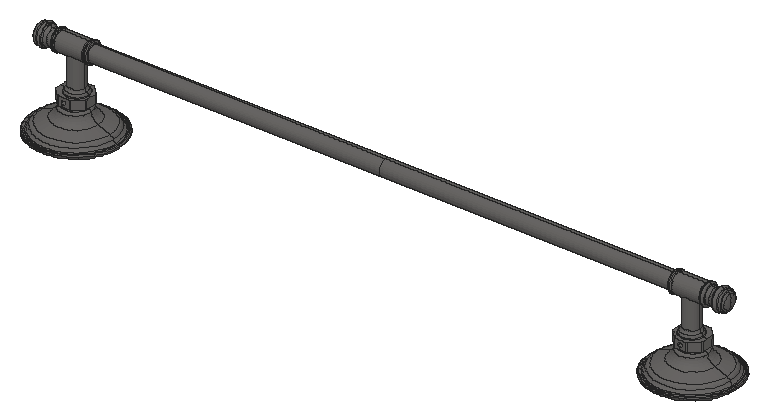
Revit family "Accessory-Towel_Bar-KOHLER-Eclectic-K-26499", category Specialty Equipment, host Face, Revit 2021 (continued)
Definition of nested family "K-26499"
  Lines and regions (in)
    symbolic lines, detail levels medium+fine
      curve 197: line (11.29658, 0, 2.6938) -> (11.29658, 0, 3.31978)
      curve 198: line (12.35892, 0, 2.56762) -> (11.64108, 0, 2.56762)
      curve 199: line (12.352, 0, 1.63871) -> (11.648, 0, 1.63871)
      curve 200: line (12.41694, 0, 1.51673) -> (11.58306, 0, 1.51673)
      curve 201: line (12.46286, 0, 1.45656) -> (11.53714, 0, 1.45656)
      curve 202: line (12.48566, 0, 1.43376) -> (11.51434, 0, 1.43376)
      curve 203: line (12.58543, 0, 1.38285) -> (11.41457, 0, 1.38285)
      curve 204: line (12.58543, 0, 1.14714) -> (11.41457, 0, 1.14714)
      curve 205: line (12.34248, 0, 1.09504) -> (11.65752, 0, 1.09504)
      curve 206: line (12.36375, 0, 1.07244) -> (11.63625, 0, 1.07244)
      curve 207: line (12.48749, 0, 0.95578) -> (11.51251, 0, 0.95578)
      curve 208: line (12.57979, 0, 0.88253) -> (11.42021, 0, 0.88253)
      curve 209: line (13.45938, 0, 0.22409) -> (10.54062, 0, 0.22409)
      curve 210: line (13.59793, 0, 0.12533) -> (10.40207, 0, 0.12533)
  Dimensions and locks (in)
    plane 4 to plane 5 = 27.38189"
    plane 10 to level = 3.43121"
    plane 11 to plane 12 = 0.62608"
    plane 7 to plane 6 = 24"
    plane 13 to plane 14 = 3.38243"
    aligned and locked: plane 2 to level
Types (5): name | Type | Model | Finish
  (no name) | 1 | "K-26499-2BZ" | Kohler-Metal-2BZ-Oil_Rubbed_Bronze
  2BZ-Oil Rubbed Bronze | 1 | "K-26499-2BZ" | Kohler-Metal-2BZ-Oil_Rubbed_Bronze
  BN-Vibrant Brushed Nickel | 2 | "K-26499-BN" | Kohler-Metal-BN-Vibrant_Brushed_Nickel
  CP-Polished Chrome | 3 | "K-26499-CP" | Kohler-Metal-CP-Polished_Chrome
  2MB-Vibrant Brushed Moderne Brass | 4 | "K-26499-2MB" | Kohler-Metal-2MB-Vibrant_Brushed_Moderne_Brass
